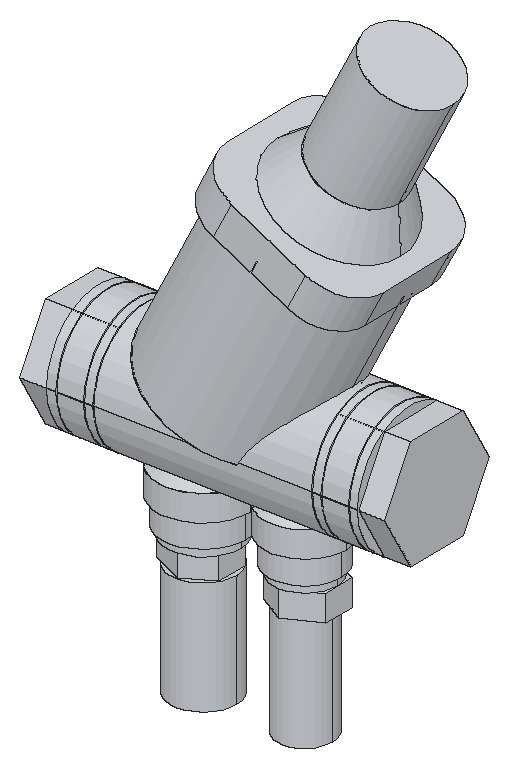
Revit family "Sigma_Compact_DN020_HF_RFA_2019", category Pipe Accessories, Revit 2019
Family settings
  Round Connector Dimension = Use Diameter
  Part Type = Valve - Breaks Into
  Work Plane-Based = No
  Always vertical = Yes
  Cut with Voids When Loaded = No
  Shared = No
Parameters (values of type "Sigma Compact DN 20 HF s měřením")
  magiProductId = "71a172a3e93b42a69d546b1c4edcaf"
  magiProductFamilyId = "bfb31f54e1b64d079baf8cac8e8d7b"
  magiPartTypeId = 304
  isMeasuringValve [instance] = no
  ang2D [instance] = 0.00°
  Z6 = 26.1 mm
  Z5 = 60.9 mm
  Z4 = 52.2 mm
  Z3 = 8.7 mm
  Z2 = 43.5 mm
  XR2 = 25 mm
  XR1 = 13 mm
  W2D = 15 mm
  VersionID = "2.0/2018.12.13.2/FRESE_SIGMA_PLUG_Q13_001"
  Use Minimum Symbol Size [instance] = no
  URL = "www.hydronic.cz"
  Type Comments = "závitový; vnitřní závit; PN25; max dp=400kPa; -10~+120°C; max uzavírací tlak 1MPa"
  R4 = 15 mm
  R3 = 10 mm
  R2 = 14 mm
  R1 = 19 mm
  QmdConnectorList = "301;D;302;D"
  Productdata [instance] = ""
  NL__ve = -NL  # -15.8 mm
  NL = 15.8 mm
  Manufacturer = "Hydronic Systems Prague s.r.o."
  MC Use Limits From Balancing Method = no
  MC Throttling Minimum Value = 0
  MC Throttling Maximum Value = 0
  MC Product Code = "53-2203 DN20 FF s měřením; (102-1930 l/h); kvs=4,0"
  MC Pressure Drop Minimum Value = 0.0 Pa
  MC Pressure Drop Maximum Value = 0.0 Pa
  MC Piping Given Pressure Drop [instance] = 0.0 Pa
  M5 = 33.7 mm
  M4 = 31.7 mm
  M3 = 25.7 mm
  M2 = 23.7 mm
  LP = 39.5 mm
  LM = 47.4 mm
  LL__ve = -LL  # -5.7 mm
  LLT__ve = -LLT  # -14.9 mm
  LLT = 14.9 mm
  LLL = 11 mm
  LL3 = 41 mm
  LL2 = 32 mm
  LL = 5.7 mm
  L3 = 11 mm
  L2D_Min = 30.48 mm
  L2D = 65 mm
  Description = "Automatický vyvažovací ventil"
  DR1 = no
  DR0 = yes
  DL2 = 66 mm
  D = 20 mm
  CenSd_R2_6 = R2 * cos(30.00°)  # 12.124 mm
  CAT0 = yes
  C0D1 = no
  C0D0 = yes
Types (3, lengths in mm): name | magiProductId | Z6 | Z5 | Z4 | Z3 | Z2 | R2 | NL__ve | NL | MC Product Code | M5 | M4 | M3 | M2 | LP | LM | LL__ve | LLT__ve | LLT | LLL | LL2 | LL | D | CenSd_R2_6
  Sigma Compact DN 15 HF s měřením | "5720d023926c42d59d57912da161fc" | 26.1 | 60.9 | 52.2 | 8.7 | 43.5 | 14 | -15 | 15 | "53-2201 DN15 FF s měřením; (60-1080 l/h); kvs=2,6" | 32.5 | 30.5 | 24.5 | 22.5 | 37.5 | 45 | -5.7 | -14.9 | 14.9 | 11 | 32 | 5.7 | 15 | 12.124
  Sigma Compact DN 20 HF s měřením | "71a172a3e93b42a69d546b1c4edcaf" | 26.1 | 60.9 | 52.2 | 8.7 | 43.5 | 14 | -15.8 | 15.8 | "53-2203 DN20 FF s měřením; (102-1930 l/h); kvs=4,0" | 33.7 | 31.7 | 25.7 | 23.7 | 39.5 | 47.4 | -5.7 | -14.9 | 14.9 | 11 | 32 | 5.7 | 20 | 12.124
  Sigma Compact DN 25 HF s měřením | "e5e5fa70e5f44115b8324bb7a2a437" | 27 | 63 | 54 | 9 | 45 | 18 | -16.6 | 16.6 | "53-2209 DN25 FF s měřením; (137-2400 l/h); kvs=4,2" | 34.9 | 32.9 | 26.9 | 24.9 | 41.5 | 49.8 | -5.9 | -16.3 | 16.3 | 9 | 34 | 5.9 | 25 | 15.588
Reference planes
  plane 1 "Center (Front/Back)": y = 0
  plane 2 "XYPLANE": z = 0
  plane 3 "Center (Left/Right)": x = 0
  plane 4 "408": x = 39.5
  plane 5 "407": x = -39.5
  plane 6 "404": z = -35.3
  plane 7 "403": z = -41
  plane 8 "402": z = -66
  plane 9 "213": x = -11
  plane 10 "168": z = -10.9
  plane 11 "167": z = -12.9
  plane 12 "166": z = -18.6
  plane 13 "165": z = -24.3
  plane 14 "164": z = -26.3
  plane 15 "154": z = 0
  plane 16 "152": y = 0
  plane 17 "151": z = -32
  plane 18 "150": x = 11
  plane 19 "75": through (318.218, 0, 679.605) normal (0.891, 0, -0.454)
  plane 20 "74": x = 33.7
  plane 21 "73": x = 31.7
  plane 22 "72": x = 25.7
  plane 23 "71": x = 23.7
  plane 24 "70": x = -33.7
  plane 25 "69": x = -31.7
  plane 26 "68": x = -25.7
  plane 27 "67": y = 0
  plane 28 "66": through (-666.893, 0, 343.166) normal (0.454, 0, 0.891)
  plane 29 "65": x = -23.7
  plane 30 "64": through (335.147, 0, 670.979) normal (0.891, 0, -0.454)
  plane 31 "63": through (-648.506, 0, 379.252) normal (0.454, 0, 0.891)
  plane 32 "62": through (352.076, 0, 662.353) normal (0.891, 0, -0.454)
  plane 33 "61": y = 19
  plane 34 "60": y = -19
  plane 35 "59": through (-644.557, 0, 387.003) normal (0.454, 0, 0.891)
  plane 36 "58": through (-640.607, 0, 394.755) normal (0.454, 0, 0.891)
  plane 37 "56": x = 0
  plane 38 "55": through (-668.255, 0, 340.493) normal (0.454, 0, 0.891)
  plane 39 "102XY": through (-668.255, 0, 340.493) normal (0.454, 0, 0.891)
  plane 40 "102XZ": y = 0
  plane 41 "102YZ": through (340.493, 0, 668.255) normal (0.891, 0, -0.454)
Forms (mm)
  Extrusion 1, solid
    sketch origin (39.5, -750, 0) x (0, 1, 0) y (0, 0, 1)
      loop
        line (764, 0) -> (757, 12.124) -> (743, 12.124) -> (736, 0) -> (743, -12.124) -> (757, -12.124) -> (764, 0)
    from 0 to -15.8 <- "NL__ve"
  Extrusion 2, solid
    sketch origin (-39.5, -750, 0) x (0, 1, 0) y (0, 0, 1)
      loop
        line (736, 0) -> (743, -12.124) -> (757, -12.124) -> (764, 0) -> (757, 12.124) -> (743, 12.124) -> (736, 0)
    from 0 to 15.8 <- "NL"
  Extrusion 3, solid, visible <- "C0D1"
    sketch origin (-750, 0, -66) x (1, 0, 0) y (0, 1, 0)
      loop
        circle (739, 0) r 8.2
    from 0 to 50
  Extrusion 4, solid, visible <- "DR1"
    sketch origin (-750, 0, -35.3) x (1, 0, 0) y (0, 1, 0)
      loop
        line (739, -8) -> (745.928, -4) -> (745.928, 4) -> (739, 8) -> (730.872, 4) -> (730.872, -4) -> (739, -8)
    from 0 to -5.7 <- "LL__ve"
  Extrusion 5, solid, visible <- "DR1"
    sketch origin (-750, 0, -35.3) x (1, 0, 0) y (0, 1, 0)
      loop
        circle (739, 0) r 9.2
    from 0 to 11 <- "LLL"
  Extrusion 6, solid, visible <- "DR1"
    sketch origin (-750, 0, -24.3) x (1, 0, 0) y (0, 1, 0)
      loop
        circle (739, 0) r 10.2
    from 0 to 5.7 <- "LL"
  Extrusion 7, solid, visible <- "DR1"
    sketch origin (-750, 0, -18.6) x (1, 0, 0) y (0, 1, 0)
      loop
        circle (739, 0) r 11.2
    from 0 to 5.7 <- "LL"
  Blend 8, solid, visible <- "DR1"
    base sketch origin (-750, 0, -10.9) x (1, 0, 0) y (0, 1, 0)
      loop
        circle (739, 0) r 8.7
    top sketch origin (-750, 0, -10.9) x (1, 0, 0) y (0, 1, 0)
      loop
        circle (739, 0) r 11.2
    from 0 to -2
  Extrusion 9, solid, visible <- "DR1"
    sketch origin (-750, 0, 0) x (1, 0, 0) y (0, 1, 0)
      loop
        circle (739, 0) r 8.7
    from 0 to -14.9 <- "LLT__ve"
  Extrusion 10, solid, visible <- "C0D0"
    sketch origin (-750, 0, -32) x (1, 0, 0) y (0, 1, 0)
      loop
        circle (739, 0) r 7.2
    from 0 to -25
  Extrusion 11, solid, visible <- "DR0"
    sketch origin (-750, 0, -26.3) x (1, 0, 0) y (0, 1, 0)
      loop
        line (739, -7) -> (745.062, -3.5) -> (745.062, 3.5) -> (739, 7) -> (731.738, 3.5) -> (731.738, -3.5) -> (739, -7)
    from 0 to -5.7 <- "LL__ve"
  Extrusion 12, solid, visible <- "DR0"
    sketch origin (-750, 0, -26.3) x (1, 0, 0) y (0, 1, 0)
      loop
        circle (739, 0) r 8.2
    from 0 to 2
  Extrusion 13, solid, visible <- "DR0"
    sketch origin (-750, 0, -18.6) x (1, 0, 0) y (0, 1, 0)
      loop
        circle (739, 0) r 10.2
    from 0 to 5.7 <- "LL"
  Blend 14, solid, visible <- "DR0"
    base sketch origin (-750, 0, -10.9) x (1, 0, 0) y (0, 1, 0)
      loop
        circle (739, 0) r 7.7
    top sketch origin (-750, 0, -10.9) x (1, 0, 0) y (0, 1, 0)
      loop
        circle (739, 0) r 10.2
    from 0 to -2
  Extrusion 15, solid, visible <- "DR0"
    sketch origin (-750, 0, 0) x (1, 0, 0) y (0, 1, 0)
      loop
        circle (739, 0) r 7.7
    from 0 to -14.9 <- "LLT__ve"
  Extrusion 16, solid, visible <- "DR0"
    sketch origin (-750, 0, 0) x (1, 0, 0) y (0, 1, 0)
      loop
        circle (739, 0) r 7.7
    from 0 to -14.9 <- "LLT__ve"
  Blend 17, solid, visible <- "DR0"
    base sketch origin (-750, 0, -10.9) x (1, 0, 0) y (0, 1, 0)
      loop
        circle (739, 0) r 7.7
    top sketch origin (-750, 0, -10.9) x (1, 0, 0) y (0, 1, 0)
      loop
        circle (739, 0) r 10.2
    from 0 to -2
  Extrusion 18, solid, visible <- "DR0"
    sketch origin (-750, 0, -18.6) x (1, 0, 0) y (0, 1, 0)
      loop
        circle (739, 0) r 10.2
    from 0 to 5.7 <- "LL"
  Extrusion 19, solid, visible <- "DR0"
    sketch origin (-750, 0, -24.3) x (1, 0, 0) y (0, 1, 0)
      loop
        circle (739, 0) r 9.2
    from 0 to 5.7 <- "LL"
  Extrusion 20, solid, visible <- "DR0"
    sketch origin (-750, 0, -26.3) x (1, 0, 0) y (0, 1, 0)
      loop
        circle (739, 0) r 8.2
    from 0 to 2
  Extrusion 21, solid, visible <- "DR0"
    sketch origin (-750, 0, -26.3) x (1, 0, 0) y (0, 1, 0)
      loop
        line (739, -7) -> (745.062, -3.5) -> (745.062, 3.5) -> (739, 7) -> (731.738, 3.5) -> (731.738, -3.5) -> (739, -7)
    from 0 to -5.7 <- "LL__ve"
  Extrusion 22, solid, visible <- "C0D0"
    sketch origin (-750, 0, -32) x (1, 0, 0) y (0, 1, 0)
      loop
        circle (739, 0) r 7.2
    from 0 to -25
  Extrusion 23, solid, visible <- "CAT0"
    sketch origin (-750, 0, -32) x (1, 0, 0) y (0, 1, 0)
      loop
        circle (761, 0) r 6
    from 0 to -25
  Extrusion 24, solid
    sketch origin (-750, 0, -26.3) x (1, 0, 0) y (0, 1, 0)
      loop
        line (761, -7) -> (768.262, -3.5) -> (768.262, 3.5) -> (761, 7) -> (754.938, 3.5) -> (754.938, -3.5) -> (761, -7)
    from 0 to -5.7 <- "LL__ve"
  Extrusion 25, solid
    sketch origin (-750, 0, -26.3) x (1, 0, 0) y (0, 1, 0)
      loop
        circle (761, 0) r 7
    from 0 to 2
  Extrusion 26, solid
    sketch origin (-750, 0, -24.3) x (1, 0, 0) y (0, 1, 0)
      loop
        circle (761, 0) r 8
    from 0 to 5.7 <- "LL"
  Extrusion 27, solid
    sketch origin (-750, 0, -18.6) x (1, 0, 0) y (0, 1, 0)
      loop
        circle (761, 0) r 9
    from 0 to 5.7 <- "LL"
  Blend 28, solid
    base sketch origin (-750, 0, -10.9) x (1, 0, 0) y (0, 1, 0)
      loop
        circle (761, 0) r 6.5
    top sketch origin (-750, 0, -10.9) x (1, 0, 0) y (0, 1, 0)
      loop
        circle (761, 0) r 9
    from 0 to -2
  Extrusion 29, solid
    sketch origin (-750, 0, 0) x (1, 0, 0) y (0, 1, 0)
      loop
        circle (761, 0) r 6.5
    from 0 to -14.9 <- "LLT__ve"
  Blend 30, solid, visible <- "CAT0"
    base sketch origin (31.7, -750, 0) x (0, 1, 0) y (0, 0, 1)
      loop
        circle (750, 0) r 14
    top sketch origin (31.7, -750, 0) x (0, 1, 0) y (0, 0, 1)
      loop
        circle (750, 0) r 14
    from 0 to 2
  Extrusion 31, solid, visible <- "CAT0"
    sketch origin (25.7, -750, 0) x (0, 1, 0) y (0, 0, 1)
      loop
        circle (750, 0) r 14
    from 0 to 6
  Blend 32, solid, visible <- "CAT0"
    base sketch origin (23.7, -750, 0) x (0, 1, 0) y (0, 0, 1)
      loop
        circle (750, 0) r 14
    top sketch origin (23.7, -750, 0) x (0, 1, 0) y (0, 0, 1)
      loop
        circle (750, 0) r 14
    from 0 to 2
  Blend 33, solid, visible <- "CAT0"
    base sketch origin (-31.7, -750, 0) x (0, 1, 0) y (0, 0, 1)
      loop
        circle (750, 0) r 14
    top sketch origin (-31.7, -750, 0) x (0, 1, 0) y (0, 0, 1)
      loop
        circle (750, 0) r 14
    from 0 to -2
  Extrusion 34, solid, visible <- "CAT0"
    sketch origin (-31.7, -750, 0) x (0, 1, 0) y (0, 0, 1)
      loop
        circle (750, 0) r 14
    from 0 to 6
  Blend 35, solid, visible <- "CAT0"
    base sketch origin (-25.7, -750, 0) x (0, 1, 0) y (0, 0, 1)
      loop
        circle (750, 0) r 14
    top sketch origin (-25.7, -750, 0) x (0, 1, 0) y (0, 0, 1)
      loop
        circle (750, 0) r 14
    from 0 to 2
  Extrusion 36, solid, visible <- "CAT0"
    sketch origin (-23.7, -750, 0) x (0, 1, 0) y (0, 0, 1)
      loop
        circle (750, 0) r 14
    from 0 to 47.4 <- "LM"
  Extrusion 37, solid, visible <- "CAT0"
    sketch origin (-666.893, 0, 343.166) x (0.891007, 0, -0.45399) y (0, 1, 0)
      loop
        circle (744, 0) r 19
    from 0 to 43.5 <- "Z2"
  Extrusion 38, solid, visible <- "CAT0"
    sketch origin (-648.506, 0, 379.252) x (0.891007, 0, -0.45399) y (0, 1, 0)
      loop
        arc (735, 19) -> (727.929, 16.071) -> (725, 9) r 10
        line (725, 9) -> (725, -9)
        arc (725, -9) -> (727.929, -16.071) -> (735, -19) r 10
        line (735, -19) -> (753, -19)
        arc (753, -19) -> (760.071, -16.071) -> (763, -9) r 10
        line (763, -9) -> (763, 9)
        arc (763, 9) -> (760.071, 16.071) -> (753, 19) r 10
        line (753, 19) -> (735, 19)
    from 0 to 8.7 <- "Z3"
  Blend 39, solid, visible <- "CAT0"
    base sketch origin (-644.557, 0, 387.003) x (0.891007, 0, -0.45399) y (0, 1, 0)
      loop
        circle (744, 0) r 15
    top sketch origin (-644.557, 0, 387.003) x (0.891007, 0, -0.45399) y (0, 1, 0)
      loop
        circle (744, 0) r 10
    from 0 to 8.7
  Extrusion 40, solid, visible <- "CAT0"
    sketch origin (-640.607, 0, 394.755) x (0.891007, 0, -0.45399) y (0, 1, 0)
      loop
        circle (744, 0) r 10
    from 0 to 26.1 <- "Z6"
  Blend 41, solid, visible <- "CAT0"
    base sketch origin (-668.255, 0, 340.493) x (0.891007, 0, -0.45399) y (0, 1, 0)
      loop
        circle (744, 0) r 15
    top sketch origin (-668.255, 0, 340.493) x (0.891007, 0, -0.45399) y (0, 1, 0)
      loop
        circle (744, 0) r 19
    from 0 to 3
  Extrusion 42, solid, not visible
    sketch origin (-33.7, -750, 0) x (0, 1, 0) y (0, 0, 1)
      loop
        circle (750, 0) r 10
    from 0 to 10
  Extrusion 43, solid, not visible
    sketch origin (33.7, -750, 0) x (0, 1, 0) y (0, 0, 1)
      loop
        circle (750, 0) r 10
    from 0 to -10
Lines and regions (mm)
  reference lines, not visible
    curve 1: circle (2, 2, 0) r 1 normal (0, 0, 1)
  reference lines
    curve 2: line (39.5, 0, 0) -> (39.5, -3.5, 6.062)
    curve 3: line (39.5, 0, 0) -> (39.5, -7, 0)
    curve 4: line (39.5, 0, 0) -> (39.5, -3.5, -6.062)
    curve 5: line (-39.5, 0, 0) -> (-39.5, 3.5, 6.062)
    curve 6: line (-39.5, 0, 0) -> (-39.5, 7, 0)
    curve 7: line (-39.5, 0, 0) -> (-39.5, 3.5, -6.062)
Dimensions and locks
  plane 1 "Center (Front/Back)" to curve 1 = 2 mm
  "LP": plane 37 "56" to plane 4 "408"
  "LP": plane 37 "56" to plane 5 "407"
  "LL": plane 7 "403" to plane 6 "404"
  "LL3": plane 2 "XYPLANE" to plane 7 "403"
  "DL2": plane 2 "XYPLANE" to plane 8 "402"
  "L3": plane 3 "Center (Left/Right)" to plane 9 "213"
  locked: plane 11 "167" to plane 10 "168" at 2
  "LL": plane 12 "166" to plane 11 "167"
  "LL": plane 13 "165" to plane 12 "166"
  locked: plane 14 "164" to plane 13 "165" at 2
  "LL": plane 17 "151" to plane 14 "164"
  locked: plane 2 "XYPLANE" to plane 15 "154"
  locked: plane 1 "Center (Front/Back)" to plane 16 "152"
  "LL2": plane 2 "XYPLANE" to plane 17 "151"
  "L3": plane 3 "Center (Left/Right)" to plane 18 "150"
  "XR2": plane 41 "102YZ" to plane 19 "75"
  "M5": plane 3 "Center (Left/Right)" to plane 20 "74"
  "M4": plane 3 "Center (Left/Right)" to plane 21 "73"
  "M3": plane 3 "Center (Left/Right)" to plane 22 "72"
  "M2": plane 3 "Center (Left/Right)" to plane 23 "71"
  "M5": plane 3 "Center (Left/Right)" to plane 24 "70"
  "M4": plane 3 "Center (Left/Right)" to plane 25 "69"
  "M3": plane 3 "Center (Left/Right)" to plane 26 "68"
  locked: plane 16 "152" to plane 27 "67"
  locked: plane 39 "102XY" to plane 28 "66" at 3
  "M2": plane 3 "Center (Left/Right)" to plane 29 "65"
  locked: plane 41 "102YZ" to plane 30 "64" at 6
  "Z2": plane 39 "102XY" to plane 31 "63"
  "XR1": plane 41 "102YZ" to plane 32 "62"
  "R1": plane 16 "152" to plane 33 "61"
  "R1": plane 16 "152" to plane 34 "60"
  "Z4": plane 39 "102XY" to plane 35 "59"
  "Z5": plane 39 "102XY" to plane 36 "58"
  locked: plane 3 "Center (Left/Right)" to plane 37 "56"
  locked: plane 39 "102XY" to plane 38 "55"
  "CenSd_R2_6": curve 2 to Extrusion 1 sketch curve  (x2)
  "CenSd_R2_6": curve 3 to Extrusion 1 sketch curve  (x2)
  "CenSd_R2_6": curve 4 to Extrusion 1 sketch curve  (x2)
  Extrusion 1 sketch curve to Extrusion 1 sketch curve = 0 mm  (x12)
  "CenSd_R2_6": curve 5 to Extrusion 2 sketch curve  (x2)
  "CenSd_R2_6": curve 6 to Extrusion 2 sketch curve  (x2)
  "CenSd_R2_6": curve 7 to Extrusion 2 sketch curve  (x2)
  Extrusion 2 sketch curve to Extrusion 2 sketch curve = 0 mm  (x12)
  Extrusion 4 sketch curve to Extrusion 4 sketch curve = 0 mm  (x12)
  Extrusion 11 sketch curve to Extrusion 11 sketch curve = 0 mm  (x12)
  Extrusion 21 sketch curve to Extrusion 21 sketch curve = 0 mm  (x12)
  Extrusion 24 sketch curve to Extrusion 24 sketch curve = 0 mm  (x12)
  Extrusion 38 sketch curve to Extrusion 38 sketch curve = 0 mm  (x16)
  "R2": radius of Blend 30 sketch curve  (x2)
  "R2": radius of Extrusion 31 sketch curve
  "R2": radius of Blend 32 sketch curve  (x2)
  "R2": radius of Blend 33 sketch curve  (x2)
  "R2": radius of Extrusion 34 sketch curve
  "R2": radius of Blend 35 sketch curve  (x2)
  "R2": radius of Extrusion 36 sketch curve
  "R1": radius of Extrusion 37 sketch curve
  radius of Extrusion 38 sketch curve = 10 mm  (x4)
  "R3": radius of Blend 39 sketch curve
  "R4": radius of Blend 39 sketch curve
  "R3": radius of Extrusion 40 sketch curve
  "R1": radius of Blend 41 sketch curve
  locked: curve 3 to curve 2 (angle 60.00°)
  locked: curve 4 to curve 3 (angle 60.00°)
  locked: curve 4 to curve 2 (angle 120.00°)
  locked: curve 6 to curve 5 (angle 60.00°)
  locked: curve 7 to curve 6 (angle 60.00°)
  locked: curve 7 to curve 5 (angle 120.00°)
  aligned and locked: level to plane 2 "XYPLANE"
  aligned and locked: plane 15 "154" to curve 4
  aligned and locked: curve 4 to plane 16 "152"
  aligned and locked: plane 15 "154" to curve 7
  aligned and locked: curve 7 to plane 16 "152"
  aligned and locked: plane 9 "213" to Extrusion 3 sketch curve
  aligned and locked: plane 16 "152" to Extrusion 3 sketch curve
  aligned and locked: plane 9 "213" to Extrusion 5 sketch curve
  aligned and locked: plane 16 "152" to Extrusion 5 sketch curve
  aligned and locked: plane 9 "213" to Extrusion 6 sketch curve
  aligned and locked: plane 16 "152" to Extrusion 6 sketch curve
  aligned and locked: plane 9 "213" to Extrusion 7 sketch curve
  aligned and locked: plane 16 "152" to Extrusion 7 sketch curve
  aligned and locked: plane 9 "213" to Blend 8 sketch curve  (x2)
  aligned and locked: plane 16 "152" to Blend 8 sketch curve  (x2)
  aligned and locked: Blend 8 to plane 11 "167"
  aligned and locked: plane 9 "213" to Extrusion 9 sketch curve
  aligned and locked: plane 16 "152" to Extrusion 9 sketch curve
  aligned and locked: plane 9 "213" to Extrusion 10 sketch curve
  aligned and locked: plane 16 "152" to Extrusion 10 sketch curve
  aligned and locked: plane 9 "213" to Extrusion 12 sketch curve
  aligned and locked: plane 16 "152" to Extrusion 12 sketch curve
  aligned and locked: plane 9 "213" to Extrusion 13 sketch curve
  aligned and locked: plane 16 "152" to Extrusion 13 sketch curve
  aligned and locked: plane 9 "213" to Blend 14 sketch curve  (x2)
  aligned and locked: plane 16 "152" to Blend 14 sketch curve  (x2)
  aligned and locked: Blend 14 to plane 11 "167"
  aligned and locked: plane 9 "213" to Extrusion 15 sketch curve
  aligned and locked: plane 16 "152" to Extrusion 15 sketch curve
  aligned and locked: plane 9 "213" to Extrusion 16 sketch curve
  aligned and locked: plane 16 "152" to Extrusion 16 sketch curve
  aligned and locked: plane 9 "213" to Blend 17 sketch curve  (x2)
  aligned and locked: plane 16 "152" to Blend 17 sketch curve  (x2)
  aligned and locked: Blend 17 to plane 11 "167"
  aligned and locked: plane 9 "213" to Extrusion 18 sketch curve
  aligned and locked: plane 16 "152" to Extrusion 18 sketch curve
  aligned and locked: plane 9 "213" to Extrusion 19 sketch curve
  aligned and locked: plane 16 "152" to Extrusion 19 sketch curve
  aligned and locked: plane 9 "213" to Extrusion 20 sketch curve
  aligned and locked: plane 16 "152" to Extrusion 20 sketch curve
  aligned and locked: plane 9 "213" to Extrusion 22 sketch curve
  aligned and locked: plane 16 "152" to Extrusion 22 sketch curve
  aligned and locked: plane 16 "152" to Extrusion 23 sketch curve
  aligned and locked: plane 18 "150" to Extrusion 23 sketch curve
  aligned and locked: plane 16 "152" to Extrusion 25 sketch curve
  aligned and locked: plane 18 "150" to Extrusion 25 sketch curve
  aligned and locked: plane 16 "152" to Extrusion 26 sketch curve
  aligned and locked: plane 18 "150" to Extrusion 26 sketch curve
  aligned and locked: plane 16 "152" to Extrusion 27 sketch curve
  aligned and locked: plane 18 "150" to Extrusion 27 sketch curve
  aligned and locked: plane 16 "152" to Blend 28 sketch curve  (x2)
  aligned and locked: plane 18 "150" to Blend 28 sketch curve  (x2)
  aligned and locked: Blend 28 to plane 11 "167"
  aligned and locked: plane 16 "152" to Extrusion 29 sketch curve
  aligned and locked: plane 18 "150" to Extrusion 29 sketch curve
  aligned and locked: plane 15 "154" to Blend 30 sketch curve  (x2)
  aligned and locked: Blend 30 sketch curve to plane 16 "152"  (x2)
  aligned and locked: plane 20 "74" to Blend 30
  aligned and locked: plane 15 "154" to Extrusion 31 sketch curve
  aligned and locked: Extrusion 31 sketch curve to plane 16 "152"
  aligned and locked: plane 15 "154" to Blend 32 sketch curve  (x2)
  aligned and locked: Blend 32 sketch curve to plane 16 "152"  (x2)
  aligned and locked: plane 22 "72" to Blend 32
  aligned and locked: plane 15 "154" to Blend 33 sketch curve  (x2)
  aligned and locked: Blend 33 sketch curve to plane 16 "152"  (x2)
  aligned and locked: Blend 33 to plane 24 "70"
  aligned and locked: plane 15 "154" to Extrusion 34 sketch curve
  aligned and locked: Extrusion 34 sketch curve to plane 16 "152"
  aligned and locked: plane 15 "154" to Blend 35 sketch curve  (x2)
  aligned and locked: Blend 35 sketch curve to plane 16 "152"  (x2)
  aligned and locked: plane 29 "65" to Blend 35
  aligned and locked: plane 15 "154" to Extrusion 36 sketch curve
  aligned and locked: Extrusion 36 sketch curve to plane 16 "152"
  aligned and locked: plane 27 "67" to Extrusion 37 sketch curve
  aligned and locked: Extrusion 37 sketch curve to plane 30 "64"
  aligned and locked: Extrusion 38 sketch curve to plane 19 "75"
  aligned and locked: Extrusion 38 sketch curve to plane 34 "60"
  aligned and locked: Extrusion 38 sketch curve to plane 32 "62"
  aligned and locked: plane 33 "61" to Extrusion 38 sketch curve
  aligned and locked: plane 27 "67" to Blend 39 sketch curve  (x2)
  aligned and locked: Blend 39 sketch curve to plane 30 "64"  (x2)
  aligned and locked: plane 36 "58" to Blend 39
  aligned and locked: plane 27 "67" to Extrusion 40 sketch curve
  aligned and locked: Extrusion 40 sketch curve to plane 30 "64"
  aligned and locked: plane 27 "67" to Blend 41 sketch curve  (x2)
  aligned and locked: Blend 41 sketch curve to plane 30 "64"  (x2)
  aligned and locked: plane 28 "66" to Blend 41
  aligned and locked: plane 15 "154" to Extrusion 42 sketch curve
  aligned and locked: Extrusion 42 sketch curve to plane 16 "152"
  aligned and locked: plane 15 "154" to Extrusion 43 sketch curve
  aligned and locked: Extrusion 43 sketch curve to plane 16 "152"
Automatic sketch dimensions
  plane 29 "65" to Extrusion 3 sketch curve = 4.5 mm
  Extrusion 4 sketch curve to plane 9 "213" = 0 mm  (x2)
  plane 29 "65" to Extrusion 4 sketch curve = 4.572 mm
  Extrusion 4 sketch curve to plane 3 "Center (Left/Right)" = 4.072 mm
  plane 1 "Center (Front/Back)" to Extrusion 4 sketch curve = 8 mm
  plane 1 "Center (Front/Back)" to Extrusion 4 sketch curve = 4 mm  (x2)
  Extrusion 4 sketch curve to plane 1 "Center (Front/Back)" = 4 mm  (x2)
  Extrusion 4 sketch curve to Extrusion 4 sketch curve = 4 mm
  plane 29 "65" to Extrusion 5 sketch curve = 3.5 mm
  plane 29 "65" to Extrusion 6 sketch curve = 2.5 mm
  plane 29 "65" to Extrusion 7 sketch curve = 1.5 mm
  plane 29 "65" to Blend 8 sketch curve = 4 mm
  plane 29 "65" to Blend 8 sketch curve = 1.5 mm
  plane 29 "65" to Extrusion 9 sketch curve = 4 mm
  plane 29 "65" to Extrusion 10 sketch curve = 5.5 mm
  Extrusion 11 sketch curve to plane 9 "213" = 0 mm  (x2)
  plane 29 "65" to Extrusion 11 sketch curve = 5.438 mm
  Extrusion 11 sketch curve to plane 3 "Center (Left/Right)" = 4.938 mm
  plane 1 "Center (Front/Back)" to Extrusion 11 sketch curve = 7 mm
  plane 1 "Center (Front/Back)" to Extrusion 11 sketch curve = 3.5 mm  (x2)
  Extrusion 11 sketch curve to plane 1 "Center (Front/Back)" = 3.5 mm  (x2)
  Extrusion 11 sketch curve to Extrusion 11 sketch curve = 3.5 mm
  plane 29 "65" to Extrusion 12 sketch curve = 4.5 mm
  plane 29 "65" to Extrusion 13 sketch curve = 2.5 mm
  plane 29 "65" to Blend 14 sketch curve = 5 mm
  plane 29 "65" to Blend 14 sketch curve = 2.5 mm
  plane 29 "65" to Extrusion 15 sketch curve = 5 mm
  plane 29 "65" to Extrusion 16 sketch curve = 5 mm
  plane 29 "65" to Blend 17 sketch curve = 5 mm
  plane 29 "65" to Blend 17 sketch curve = 2.5 mm
  plane 29 "65" to Extrusion 18 sketch curve = 2.5 mm
  plane 29 "65" to Extrusion 19 sketch curve = 3.5 mm
  plane 29 "65" to Extrusion 20 sketch curve = 4.5 mm
  Extrusion 21 sketch curve to plane 9 "213" = 0 mm  (x2)
  plane 29 "65" to Extrusion 21 sketch curve = 5.438 mm
  Extrusion 21 sketch curve to plane 3 "Center (Left/Right)" = 4.938 mm
  plane 1 "Center (Front/Back)" to Extrusion 21 sketch curve = 7 mm
  plane 1 "Center (Front/Back)" to Extrusion 21 sketch curve = 3.5 mm  (x2)
  Extrusion 21 sketch curve to plane 1 "Center (Front/Back)" = 3.5 mm  (x2)
  Extrusion 21 sketch curve to Extrusion 21 sketch curve = 3.5 mm
  plane 29 "65" to Extrusion 22 sketch curve = 5.5 mm
  plane 3 "Center (Left/Right)" to Extrusion 23 sketch curve = 5 mm
  Extrusion 24 sketch curve to plane 18 "150" = 0 mm  (x2)
  plane 3 "Center (Left/Right)" to Extrusion 24 sketch curve = 4.938 mm
  Extrusion 24 sketch curve to plane 23 "71" = 5.438 mm
  plane 1 "Center (Front/Back)" to Extrusion 24 sketch curve = 7 mm
  plane 1 "Center (Front/Back)" to Extrusion 24 sketch curve = 3.5 mm  (x2)
  Extrusion 24 sketch curve to plane 1 "Center (Front/Back)" = 3.5 mm  (x2)
  Extrusion 24 sketch curve to Extrusion 24 sketch curve = 3.5 mm
  plane 3 "Center (Left/Right)" to Extrusion 25 sketch curve = 4 mm
  plane 3 "Center (Left/Right)" to Extrusion 26 sketch curve = 3 mm
  plane 3 "Center (Left/Right)" to Extrusion 27 sketch curve = 2 mm
  plane 3 "Center (Left/Right)" to Blend 28 sketch curve = 4.5 mm
  plane 3 "Center (Left/Right)" to Blend 28 sketch curve = 2 mm
  plane 3 "Center (Left/Right)" to Extrusion 29 sketch curve = 4.5 mm
  plane 19 "75" to Blend 41 sketch curve = 4 mm
  plane 34 "60" to Extrusion 42 sketch curve = 9 mm
  plane 34 "60" to Extrusion 43 sketch curve = 9 mm
  plane 3 "Center (Left/Right)" to curve 1 = 2 mm
  radius of curve 1 = 1 mm
Connectors
  piping at (-33.7, 0, 0), diameter 20, driven by "D"
    settings: on Extrusion 42, index 1, connector inside diameter 609.6 mm, connector length 0 mm, flow factor 0, pipe flow 0.0 L/s, pressure drop 0.0 Pa, fitting loss kfactor 0, connector angle 0.00°, fixture units 0, engagement length 0 mm, angle of deflection 0.00°, flow configuration 0, flow direction 0, fitting loss method 0, system type 29, joint type 0, gender type 0, connector reference index 2, connector utility 0, adjustable connector no, is connector primary yes, connector description ""
  piping at (33.7, 0, 0), diameter 20, driven by "D"
    settings: on Extrusion 43, index 2, connector inside diameter 609.6 mm, connector length 0 mm, flow factor 0, pipe flow 0.0 L/s, pressure drop 0.0 Pa, fitting loss kfactor 0, connector angle 0.00°, fixture units 0, engagement length 0 mm, angle of deflection 0.00°, flow configuration 0, flow direction 0, fitting loss method 0, system type 29, joint type 0, gender type 0, connector reference index 1, connector utility 0, adjustable connector no, is connector primary no, connector description ""
